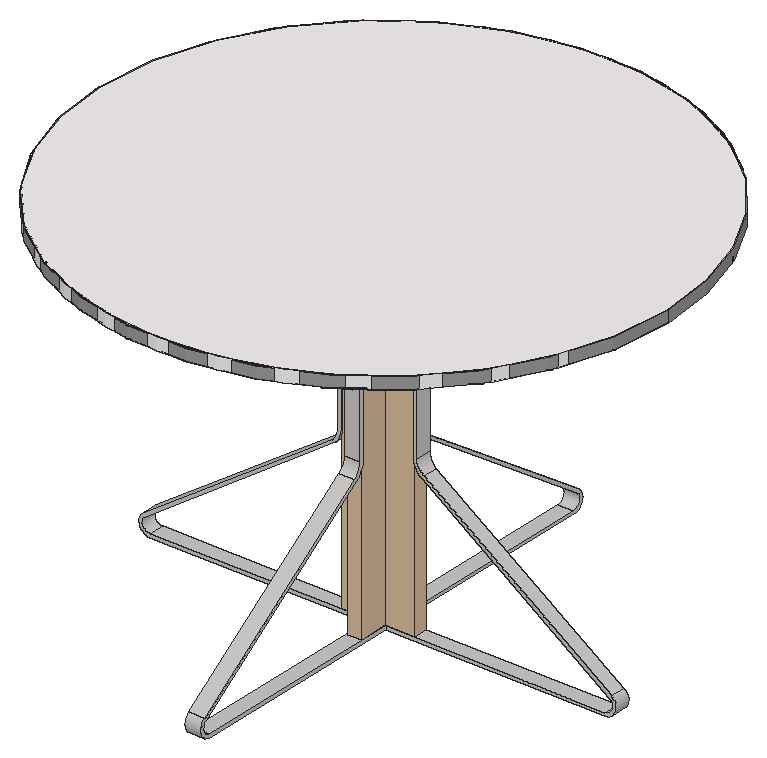
Revit family "Artek_Tables_Kaari Table round_Kaari Table round REB004", category Furniture, Revit 2017
Family settings
  OmniClass Number = 23.40.20.14.17.11
  OmniClass Title = Dining Room Tables
  Work Plane-Based = No
  Always vertical = Yes
  Cut with Voids When Loaded = No
  Shared = No
  Room Calculation Point = No
Parameters (values of type "Kaari Table round REB004")
  WarrantyStartDate [instance] = "n/a"
  WarrantyGuarantorParts = "n/a"
  WarrantyGuarantorLabor = "n/a"
  WarrantyDurationUnit = "Years"
  WarrantyDurationParts = "n/a"
  WarrantyDurationLabor = "n/a"
  WarrantyDescription = "n/a"
  VersionDate = "11/3/2020"  # constant formula
  Version = "1"  # constant formula
  Uniclass2015Reference = "Pr_40_50_21_22"
  Uniclass2015Description = "Dining tables"
  Uniclass2 = "Pr_40_50_21_21"
  URL = "https://www.artek.fi/en/products/kaari-table-round"
  Type Comments = ""
  TagNumber [instance] = "n/a"
  TableTopMaterial [instance] = HPL, high-gloss white
  SustainabilityPerformance = "n/a"
  Style = "n/a"
  Size = "1100x740x1100 mm"
  Shape = "Sculptured"
  SerialNumber [instance] = "n/a"
  Revision = "n/a"
  ReplacementCost = "n/a"
  ProductInformation = "n/a"
  Product data url = ""
  NominalLength = 1100 mm
  NominalHeight = 740 mm
  NominalDepth = NominalLength  # 1100 mm
  Name = "Kaari Table round REB004"
  NBSReference = "45-35-86/327"
  NBSDescription = "Tables"
  ModelReference = "n/a"
  ModelNumber = "28305402"
  Material = "Wood/Steel"
  ManufacturerURL = "https://www.artek.fi/"
  ManufacturerName = "Artek"
  Model = "Kaari Table round REB004"
  Manufacturer = "Artek"
  MainColor = "Natural/black oak"
  LegsMaterial [instance] = Natural oak, with protective varnish
  InstallationDate [instance] = "n/a"
  IfcExportType = "TABLE"  # constant formula
  IfcExportAs = "IfcFurnishingElementType"  # constant formula
  Grade = "n/a"
  Finish = "n/a"
  Features = "n/a"
  ExpectedLife = "n/a"
  DurationUnit = "Years"
  Designer = "Ronan & Erwan Bouroullec"
  Description = ""
  Cost = 0
  ConvergoRefNr = "0190-2009-0031-FI"  # constant formula
  Constituents = "n/a"
  Color = "Natural/black oak"
  Collection = "Kaari Collection"
  CodePerformance = "n/a"
  Barcode [instance] = "n/a"
  AssetIdentifier [instance] = "n/a"
  Category = "Tables"
  Brand = "Artek"
  BIMObjectName = "Artek_Tables_Kaari Table round_Kaari Table round REB004"  # constant formula
  Author = "Convergo AB"  # constant formula
  AssetType = "Movable"
  AccessibilityPerformance = "n/a"
Reference planes
  plane 1 "Center (Front/Back)": y = 0
  plane 2: z = 0
  plane 3 "Center (Left/Right)": x = 0
  plane 4: x = -550
  plane 5: x = 550
  plane 6: y = 550
  plane 7: y = -550
  plane 8: z = 740
Dimensions and locks
  equal spacing: plane 4, plane 3 "Center (Left/Right)", plane 5
  "NominalLength": plane 4 to plane 5
  equal spacing: plane 7, plane 1 "Center (Front/Back)", plane 6
  "NominalLength": plane 7 to plane 6
  "NominalHeight": plane 8 to plane 2
  aligned and locked: level to plane 2
Nested families
  nested 1: "kaari_table_110" at (0, 0, 0), Legs <- "LegsMaterial", Table <- "TableTopMaterial", type "kaari_table_110"
    with TableFrame ABS, Table HPL, high-gloss white, LegsFrame Flat rolled steel, Legs Natural oak, with protective varnish
Definition of nested family "kaari_table_110"
  Parameters (values of type "kaari_table_80")
    TableFrame [instance] = none
    Table [instance] = none
    LegsFrame [instance] = none
    Legs [instance] = none
  Reference planes
    plane 1 "Center (Front/Back)": y = 0
    plane 2: z = 0
    plane 3 "Center (Left/Right)": x = 0
  Forms (mm)
    Extrusion 1, solid, material <- "LegsFrame", detail levels medium+fine
      sketch origin (0, 0.021, 0) x (0, -1, 0) y (0, 0, 1)
        loop
          line (-439.947, 4.5) -> (0.029, 4.5) -> (439.978, 4.5)
          arc (439.978, 4.5) -> (460.013, 19.19) -> (452.027, 42.715) r 21.007
          line (452.027, 42.715) -> (88.822, 297.034)
          arc (88.822, 297.034) -> (79.419, 307.756) -> (76.029, 321.608) r 30
          line (76.029, 321.608) -> (76.029, 716) -> (70, 716) -> (70, 322.143)
          arc (70, 322.143) -> (74.179, 305.064) -> (85.773, 291.844) r 36.988
          line (85.773, 291.844) -> (448.604, 37.787)
          arc (448.604, 37.787) -> (454.306, 20.989) -> (440, 10.5) r 15
          line (440, 10.5) -> (-440, 10.5)
          arc (-440, 10.5) -> (-454.306, 20.989) -> (-448.604, 37.787) r 15
          line (-448.604, 37.787) -> (-85.778, 291.84)
          arc (-85.778, 291.84) -> (-74.181, 305.064) -> (-70, 322.149) r 37
          line (-70, 322.149) -> (-70, 716) -> (-76.029, 716) -> (-76.029, 322.14)
          arc (-76.029, 322.14) -> (-79.534, 307.816) -> (-89.257, 296.729) r 31.021
          line (-89.257, 296.729) -> (-452.002, 42.733)
          arc (-452.002, 42.733) -> (-459.991, 19.197) -> (-439.947, 4.5) r 21.017
      from -15 to 15
    Extrusion 2, solid, material <- "Table", detail levels medium+fine
      sketch origin (0, 0, 0) x (1, 0, 0) y (0, 1, 0)
        loop
          circle (0, 0) r 548.999
      from 716 to 740
    Extrusion 3, solid, material <- "TableFrame", detail levels medium+fine
      sketch origin (-736, 0.021, 0) x (-1, 0, 0) y (0, -1, 0)
        loop
          arc (-743, 375) -> (-741.536, 371.464) -> (-738, 370) r 5
          line (-738, 370) -> (-734, 370)
          arc (-734, 370) -> (-730.464, 371.464) -> (-729, 375) r 5
          line (-729, 375) -> (-729, 423)
          arc (-729, 423) -> (-730.464, 426.536) -> (-734, 428) r 5
          line (-734, 428) -> (-738, 428)
          arc (-738, 428) -> (-741.536, 426.536) -> (-743, 423) r 5
          line (-743, 423) -> (-743, 375)
        loop
          line (-743, -375) -> (-743, -423)
          arc (-743, -423) -> (-741.536, -426.536) -> (-738, -428) r 5
          line (-738, -428) -> (-734, -428)
          arc (-734, -428) -> (-730.464, -426.536) -> (-729, -423) r 5
          line (-729, -423) -> (-729, -375)
          arc (-729, -375) -> (-730.464, -371.464) -> (-734, -370) r 5
          line (-734, -370) -> (-738, -370)
          arc (-738, -370) -> (-741.536, -371.464) -> (-743, -375) r 5
      from 0 to 4.5
    Extrusion 4, solid, material <- "TableFrame", detail levels medium+fine
      sketch origin (0, 0, 0) x (1, 0, 0) y (0, 1, 0)
        loop
          circle (0, 0) r 548.999
        loop
          circle (0, 0) r 550
      from 716 to 740
    Extrusion 5, solid, material <- "LegsFrame", detail levels medium+fine
      sketch origin (0.011, 0.011, 0) x (-1, 0, 0) y (0, 0, 1)
        loop
          line (-439.947, 4.5) -> (0.029, 4.5) -> (439.978, 4.5)
          arc (439.978, 4.5) -> (460.013, 19.19) -> (452.027, 42.715) r 21.007
          line (452.027, 42.715) -> (88.822, 297.034)
          arc (88.822, 297.034) -> (79.419, 307.756) -> (76.029, 321.608) r 30
          line (76.029, 321.608) -> (76.029, 716) -> (70, 716) -> (70, 322.143)
          arc (70, 322.143) -> (74.179, 305.064) -> (85.773, 291.844) r 36.988
          line (85.773, 291.844) -> (448.604, 37.787)
          arc (448.604, 37.787) -> (454.306, 20.989) -> (440, 10.5) r 15
          line (440, 10.5) -> (-440, 10.5)
          arc (-440, 10.5) -> (-454.306, 20.989) -> (-448.604, 37.787) r 15
          line (-448.604, 37.787) -> (-85.778, 291.84)
          arc (-85.778, 291.84) -> (-74.181, 305.064) -> (-70, 322.149) r 37
          line (-70, 322.149) -> (-70, 716) -> (-76.029, 716) -> (-76.029, 322.14)
          arc (-76.029, 322.14) -> (-79.534, 307.816) -> (-89.257, 296.729) r 31.021
          line (-89.257, 296.729) -> (-452.002, 42.733)
          arc (-452.002, 42.733) -> (-459.991, 19.197) -> (-439.947, 4.5) r 21.017
      from -15 to 15
    Extrusion 6, solid, material <- "TableFrame", detail levels medium+fine
      sketch origin (0.011, 736.011, 0) x (0, 1, 0) y (-1, 0, 0)
        loop
          arc (-743, 375) -> (-741.536, 371.464) -> (-738, 370) r 5
          line (-738, 370) -> (-734, 370)
          arc (-734, 370) -> (-730.464, 371.464) -> (-729, 375) r 5
          line (-729, 375) -> (-729, 423)
          arc (-729, 423) -> (-730.464, 426.536) -> (-734, 428) r 5
          line (-734, 428) -> (-738, 428)
          arc (-738, 428) -> (-741.536, 426.536) -> (-743, 423) r 5
          line (-743, 423) -> (-743, 375)
        loop
          line (-743, -375) -> (-743, -423)
          arc (-743, -423) -> (-741.536, -426.536) -> (-738, -428) r 5
          line (-738, -428) -> (-734, -428)
          arc (-734, -428) -> (-730.464, -426.536) -> (-729, -423) r 5
          line (-729, -423) -> (-729, -375)
          arc (-729, -375) -> (-730.464, -371.464) -> (-734, -370) r 5
          line (-734, -370) -> (-738, -370)
          arc (-738, -370) -> (-741.536, -371.464) -> (-743, -375) r 5
      from 0 to 4.5
    Extrusion 7, solid, material <- "Legs", detail levels medium+fine
      sketch origin (0, 0, 0) x (1, 0, 0) y (0, 1, 0)
        loop
          line (-13, 13) -> (-70.021, 13) -> (-70.021, -13) -> (-13, -13) -> (-13, -70.021) -> (13, -70.021) -> (13, -13) -> (70.021, -13) -> (70.021, 13) -> (13, 13) -> (13, 70.021) -> (-13, 70.021) -> (-13, 13)
      from 10.5 to 716
    Extrusion 8, void
      sketch origin (0, 0, 0) x (1, 0, 0) y (0, 1, 0)
        loop
          line (-13, 13) -> (-13, -13) -> (13, -13) -> (13, 13) -> (-13, 13)
      from -231.552 to 716
    Sweep 9, void
      path in 3D
        loop
          arc (550, 0, 740) -> (0, -550, 740) -> (-550, 0, 740) r 550
          arc (-550, 0, 740) -> (0, 550, 740) -> (550, 0, 740) r 550
      profile origin (0, 550, 740) x (0, 1, 0) y (0, 0, 1)
        loop
          line (0, 0) -> (-1, 0) -> (0, -1) -> (0, 0)
    Sweep 10, void
      path in 3D
        loop
          arc (-550, 0, 716) -> (0, -550, 716) -> (550, 0, 716) r 550
          arc (550, 0, 716) -> (0, 550, 716) -> (-550, 0, 716) r 550
      profile origin (0, 550, 716) x (0, 1, 0) y (0, 0, -1)
        loop
          line (0, 0) -> (-1, 0) -> (0, -1) -> (0, 0)
    Extrusion 11, solid, material <- "Table", detail levels coarse
      sketch origin (0, 0, 0) x (1, 0, 0) y (0, 1, 0)
        loop
          line (-550, 0) -> (-550, -550) -> (0, -550) -> (550, -550) -> (550, 0) -> (550, 550) -> (0, 550) -> (-550, 550) -> (-550, 0)
      from 0 to 740
  Cuts and joins
    Extrusion 8 cuts Extrusion 1
    Extrusion 8 cuts Extrusion 5
    joined: Extrusion 1, Extrusion 5
    Extrusion 8 cuts Extrusion 7
    Sweep 9, Sweep 10 cuts Extrusion 4
  Lines and regions (mm)
    symbolic lines, detail levels medium+fine
      curve 1: line (0, 0, 740) -> (0, 549.002, 740)
      curve 2: line (0, 549.002, 740) -> (0, 550.002, 739)
      curve 3: line (0, 550.002, 739) -> (0, 550.002, 717)
      curve 4: line (0, 550.002, 717) -> (0, 549.002, 716)
      curve 5: line (0, 549.002, 716) -> (0, 76.029, 716)
      curve 6: line (0, 76.029, 716) -> (0, 76.029, 321.595)
      curve 7: arc (0, 88.822, 297.02) -> (0, 79.419, 307.742) -> (0, 76.029, 321.595) r 30
      curve 8: line (0, 452.031, 42.697) -> (0, 88.822, 297.02)
      curve 9: arc (0, 439.988, 4.5) -> (0, 460.013, 19.183) -> (0, 452.031, 42.697) r 20.997
      curve 16: line (0, 428.021, 4.5) -> (0, 428.021, 0)
      curve 17: line (0, 428.021, 0) -> (0, 370.021, 0)
      curve 18: line (0, 370.021, 0) -> (0, 370.021, 4.5)
      curve 20: line (0, 428.021, 4.5) -> (0, 439.988, 4.5)
      curve 25: line (0, 0, 740) -> (-549.002, 0, 740)
      curve 26: line (-549.002, 0, 740) -> (-550.002, 0, 739)
      curve 27: line (-550.002, 0, 739) -> (-550.002, 0, 717)
      curve 28: line (-550.002, 0, 717) -> (-549.001, 0, 715.999)
      curve 29: line (-549.001, 0, 715.999) -> (-76.018, 0, 715.999)
      curve 30: line (-76.018, 0, 715.999) -> (-76.018, 0, 321.608)
      curve 31: arc (-88.811, 0, 297.034) -> (-79.408, 0, 307.756) -> (-76.018, 0, 321.608) r 30
      curve 32: line (-88.811, 0, 297.034) -> (-452.017, 0, 42.715)
      curve 33: arc (-439.967, 0, 4.5) -> (-460.002, 0, 19.19) -> (-452.017, 0, 42.715) r 21.007
      curve 34: line (-439.967, 0, 4.5) -> (-427.989, 0, 4.5)
      curve 35: line (-427.989, 0, 4.5) -> (-427.989, 0, 0)
      curve 36: line (-427.989, 0, 0) -> (-369.989, 0, 0)
      curve 37: line (-369.989, 0, 0) -> (-369.989, 0, 4.5)
      curve 39: line (-369.989, 0, 4.5) -> (-7, 0, 4.5)
      curve 40: line (-7, 0, 4.5) -> (-7, 0, 0)
      curve 41: line (-7, 0, 0) -> (0, 0, 0)
      curve 52: line (0, 0, 740) -> (549.002, 0, 740)
      curve 53: line (549.002, 0, 740) -> (550.002, 0, 739)
      curve 54: line (550.002, 0, 739) -> (550.002, 0, 717)
      curve 55: line (550.002, 0, 717) -> (549.001, 0, 715.999)
      curve 56: line (549.001, 0, 715.999) -> (76.018, 0, 715.999)
      curve 57: line (76.018, 0, 715.999) -> (76.018, 0, 321.608)
      curve 58: arc (88.811, 0, 297.034) -> (79.408, 0, 307.756) -> (76.018, 0, 321.608) r 30
      curve 59: line (88.811, 0, 297.034) -> (452.017, 0, 42.715)
      curve 60: arc (439.967, 0, 4.5) -> (460.002, 0, 19.19) -> (452.017, 0, 42.715) r 21.007
      curve 61: line (439.967, 0, 4.5) -> (427.989, 0, 4.5)
      curve 62: line (427.989, 0, 4.5) -> (427.989, 0, 0)
      curve 63: line (427.989, 0, 0) -> (369.989, 0, 0)
      curve 64: line (369.989, 0, 0) -> (369.989, 0, 4.5)
      curve 66: line (369.989, 0, 4.5) -> (7, 0, 4.5)
      curve 67: line (7, 0, 4.5) -> (7, 0, 0)
      curve 68: line (7, 0, 0) -> (0, 0, 0)
      curve 80: line (0, 7.011, 4.5) -> (0, 7.011, 0)
      curve 81: line (0, 7.011, 0) -> (0, 0.011, 0)
      curve 82: line (0, 7.011, 4.5) -> (0, 370.021, 4.5)
      curve 84: line (0, 0, 740) -> (0, -549.002, 740)
      curve 85: line (0, -549.002, 740) -> (0, -550.002, 739)
      curve 86: line (0, -550.002, 739) -> (0, -550.002, 717)
      curve 87: line (0, -550.002, 717) -> (0, -549.002, 716)
      curve 88: line (0, -549.002, 716) -> (0, -76.029, 716)
      curve 89: line (0, -76.029, 716) -> (0, -76.029, 321.595)
      curve 90: arc (0, -88.822, 297.02) -> (0, -79.419, 307.742) -> (0, -76.029, 321.595) r 30
      curve 91: line (0, -452.031, 42.697) -> (0, -88.822, 297.02)
      curve 92: arc (0, -439.988, 4.5) -> (0, -460.013, 19.183) -> (0, -452.031, 42.697) r 20.997
      curve 99: line (0, -428.021, 4.5) -> (0, -428.021, 0)
      curve 100: line (0, -428.021, 0) -> (0, -370.021, 0)
      curve 101: line (0, -370.021, 0) -> (0, -370.021, 4.5)
      curve 103: line (0, -428.021, 4.5) -> (0, -439.988, 4.5)
      curve 105: line (0, -7.011, 4.5) -> (0, -7.011, 0)
      curve 106: line (0, -7.011, 0) -> (0, 0.011, 0)
      curve 107: line (0, -7.011, 4.5) -> (0, -370.021, 4.5)
    symbolic lines, detail levels fine
      curve 10: line (0, -0.029, 4.5) -> (0, 7.011, 4.5)
      curve 11: line (0, 76.029, 716) -> (0, 0, 716)
      curve 12: line (0, 70, 10.5) -> (0, 70, 716)
      curve 13: line (0, 85.797, 291.841) -> (0, 448.584, 37.787)
      curve 14: arc (0, 448.584, 37.787) -> (0, 454.285, 20.989) -> (0, 439.98, 10.5) r 15
      curve 15: line (0, 439.98, 10.5) -> (0, 15.011, 10.5)
      curve 19: line (0, 370.021, 4.5) -> (0, 428.021, 4.5)
      curve 38: line (-427.989, 0, 4.5) -> (-369.989, 0, 4.5)
      curve 42: line (-7, 0, 4.5) -> (0, 0, 4.5)
      curve 43: line (-76.018, 0, 715.999) -> (0, 0, 715.999)
      curve 44: line (-69.989, 0, 322.143) -> (-69.989, 0, 715.999)
      curve 45: arc (-69.989, 0, 322.143) -> (-74.169, 0, 305.064) -> (-85.762, 0, 291.844) r 36.988
      curve 46: line (-448.593, 0, 37.787) -> (-85.762, 0, 291.844)
      curve 47: arc (-448.593, 0, 37.787) -> (-454.295, 0, 20.989) -> (-439.99, 0, 10.5) r 15
      curve 48: line (-15, 0, 10.5) -> (-439.99, 0, 10.5)
      curve 49: line (-15, 0, 4.5) -> (-15, 0, 715.999)
      curve 50: line (-76.018, 0, 715.999) -> (0, 0, 715.999)
      curve 51: line (-69.989, 0, 715.999) -> (-69.989, 0, 10.5)
      curve 65: line (427.989, 0, 4.5) -> (369.989, 0, 4.5)
      curve 69: line (7, 0, 4.5) -> (0, 0, 4.5)
      curve 70: line (76.018, 0, 715.999) -> (0, 0, 715.999)
      curve 71: line (69.989, 0, 322.143) -> (69.989, 0, 715.999)
      curve 72: arc (69.989, 0, 322.143) -> (74.169, 0, 305.064) -> (85.762, 0, 291.844) r 36.988
      curve 73: line (448.593, 0, 37.787) -> (85.762, 0, 291.844)
      curve 74: arc (448.593, 0, 37.787) -> (454.295, 0, 20.989) -> (439.99, 0, 10.5) r 15
      curve 75: line (15, 0, 10.5) -> (439.99, 0, 10.5)
      curve 76: line (15, 0, 4.5) -> (15, 0, 715.999)
      curve 77: line (76.018, 0, 715.999) -> (0, 0, 715.999)
      curve 78: line (69.989, 0, 715.999) -> (69.989, 0, 10.5)
      curve 79: arc (0, 85.797, 291.841) -> (0, 74.202, 305.065) -> (0, 70.021, 322.149) r 37
      curve 83: line (0, 15.011, 4.5) -> (0, 15.011, 716)
      curve 93: line (0, -0.029, 4.5) -> (0, -7.011, 4.5)
      curve 94: line (0, -76.029, 716) -> (0, 0, 716)
      curve 95: line (0, -70, 10.5) -> (0, -70, 716)
      curve 96: line (0, -85.797, 291.841) -> (0, -448.584, 37.787)
      curve 97: arc (0, -448.584, 37.787) -> (0, -454.285, 20.989) -> (0, -439.98, 10.5) r 15
      curve 98: line (0, -439.98, 10.5) -> (0, -15.011, 10.5)
      curve 102: line (0, -370.021, 4.5) -> (0, -428.021, 4.5)
      curve 104: arc (0, -85.797, 291.841) -> (0, -74.202, 305.065) -> (0, -70.021, 322.149) r 37
      curve 108: line (0, -15.011, 4.5) -> (0, -15.011, 716)
      curve 109: circle (0, 0, 0) r 550 normal (0, 0, 1)
    sketch lines
      curve 21: arc (-550, 0, 740) -> (0, 550, 740) -> (550, 0, 740) r 550
      curve 22: arc (550, 0, 740) -> (0, -550, 740) -> (-550, 0, 740) r 550
      curve 23: arc (550, 0, 716) -> (0, 550, 716) -> (-550, 0, 716) r 550
      curve 24: arc (-550, 0, 716) -> (0, -550, 716) -> (550, 0, 716) r 550
  Dimensions and locks
    aligned and locked: level to plane 2
